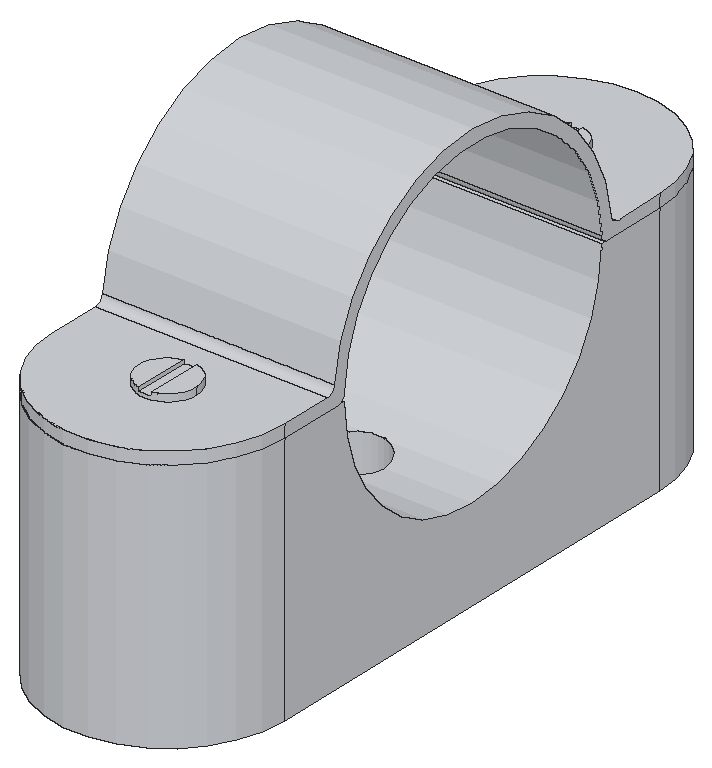
Revit family "DS4B", category Generic Models, Revit 2017
Family settings
  Can host rebar = No
  Round Connector Dimension = Use Diameter
  Part Type = Normal
  Work Plane-Based = Yes
  Always vertical = No
  Cut with Voids When Loaded = No
  Shared = No
  Room Calculation Point = No
Parameters (values of type "NBS Standard Parameters")
  Weight = "0.212Kg"
  WarrantyStartDate [instance] = "1900-12-31T23:59:59"
  WarrantyGuarantorParts = "n/a"
  WarrantyGuarantorLabor = "n/a"
  WarrantyDurationUnit = "1 year"
  WarrantyDurationParts = "n/a"
  WarrantyDurationLabor = "n/a"
  WarrantyDescription = "n/a"
  Version = "1"
  Uniclass2 = "Pr_65_70_11_20"
  TagNumber [instance] = "n/a"
  SustainabilityPerformance = "n/a"
  Size = "1.5\""
  Shape = "n/a"
  SerialNumber [instance] = "n/a"
  Revision = "n/a"
  ReplacementCost = "n/a"
  ProductInformation = "www.metpro.co.uk/pdf/ds4g.pdf"
  NominalWidth = 27.5 mm
  NominalLength = 83 mm
  NominalHeight = 42 mm
  Name = ""
  NBSTypeID = ""
  NBSReference = "90-55-10/460"
  NBSOfficeMasterTag = ""
  NBSNote = ""
  NBSDescription = "Conduit Fittings"
  NBSCertification = ""
  ModelReference = "DS4B"
  ModelNumber = "n/a"
  Material = "Cast Body, Pressed Steel Strap"
  ManufacturerURL = "www.metpro.co.uk"
  ManufacturerName = "Metpro  Ltd"
  Keynote = "Comprises of Body, Strap & 2 Screws"
  InstallationDate [instance] = "1900-12-31T23:59:59"
  IfcExportType = ""
  IfcExportAs = ""
  Grade = "n/a"
  Finish = "Black"
  Features = "n/a"
  ExpectedLife = "n/a"
  DurationUnit = "year"
  Description = "DS4B - 1.5\" Distance Saddle"
  Default Elevation = 1219.2 mm
  Constituents = "n/a"
  Color = "n/a"
  CodePerformance = "n/a"
  Category = "n/a"
  BarCode [instance] = "n/a"
  BIMObjectName = "Metpro_metprolibrary_conduitfittings_metalcomponent_steelaccessories"
  Author = "Metpro Limited"
  AssetType = ""
  AssetIdentifier [instance] = "n/a"
  AccessibilityPerformance = "n/a"
Reference planes
  plane 1 "Center (Front/Back)": y = 0
  plane 2: z = 0
  plane 3 "Center (Left/Right)": x = 0
Forms (mm)
  Extrusion 1, solid
    sketch origin (-629.655, 43.887, 0) x (1, 0, 0) y (0, 1, 0)
      loop
        line (8.357, 31.586) -> (8.357, -23.914)
        arc (8.357, -23.914) -> (22.107, -37.664) -> (35.857, -23.914) r 13.75
        line (35.857, -23.914) -> (35.857, 31.586)
        arc (35.857, 31.586) -> (22.107, 45.336) -> (8.357, 31.586) r 13.75
    from 0 to 30
  Extrusion 2, void
    sketch origin (-621.297, 61.472, 0) x (0, 1, 0) y (0, 0, 1)
      loop
        circle (-13.75, 30) r 19.05
    from 0 to 29.564
  Extrusion 3, solid
    sketch origin (-621.297, 61.472, 0) x (0, -1, 0) y (0, 0, 1)
      loop
        arc (32.776, 30.95) -> (33.086, 30.275) -> (33.775, 30) r 1
        line (33.775, 30) -> (55.25, 30) -> (55.25, 31.5) -> (35.154, 31.5)
        arc (35.154, 31.5) -> (34.49, 31.753) -> (34.161, 32.384) r 1
        arc (34.161, 32.384) -> (13.75, 50.55) -> (-6.661, 32.384) r 20.55
        arc (-6.661, 32.384) -> (-6.99, 31.753) -> (-7.654, 31.5) r 1
        line (-7.654, 31.5) -> (-27.75, 31.5) -> (-27.75, 30) -> (-6.275, 30)
        arc (-6.275, 30) -> (-5.586, 30.275) -> (-5.276, 30.95) r 1
        arc (-5.276, 30.95) -> (13.75, 49.05) -> (32.776, 30.95) r 19.05
    from -34.026 to 3
  Extrusion 4, solid
    sketch origin (-621.297, 28.672, 31.5) x (0, -1, 0) y (1, 0, 0)
      loop
        circle (-47.651, 14.295) r 3.413
      loop
        circle (9.551, 14.295) r 3.413
    from 0 to 0.831
  Extrusion 5, void
    sketch origin (-621.297, 28.672, 32.331) x (1, 0, 0) y (0, -1, 0)
      loop
        line (13.573, 13.306) -> (13.573, 5.685) -> (15.037, 5.685) -> (15.037, 13.306) -> (13.573, 13.306)
      loop
        line (13.573, -51.406) -> (15.037, -51.406) -> (15.037, -43.785) -> (13.573, -43.785) -> (13.573, -51.406)
    from 0 to 0.416
  Extrusion 6, void
    sketch origin (-629.655, 43.887, 0) x (1, 0, 0) y (0, 1, 0)
      loop
        circle (21.482, 3.836) r 4
    from 0 to 17.818
  Extrusion 7, void
    sketch origin (-629.655, 43.887, 0) x (1, 0, 0) y (0, 1, 0)
      loop
        line (8.357, 31.586) -> (8.357, -23.914)
        arc (8.357, -23.914) -> (22.107, -37.664) -> (35.857, -23.914) r 13.75
        line (35.857, -23.914) -> (35.857, 31.586)
        arc (35.857, 31.586) -> (22.107, 45.336) -> (8.357, 31.586) r 13.75
      loop
        line (2.696, 47.3) -> (2.696, -40.875) -> (45.536, -40.875) -> (45.536, 47.3) -> (2.696, 47.3)
    from 0 to 53.37
Cuts and joins
  Extrusion 2, Extrusion 6, Extrusion 7 cuts Extrusion 1
  Extrusion 2, Extrusion 6, Extrusion 7 cuts Extrusion 3
  Extrusion 5 cuts Extrusion 4
Dimensions and locks
  aligned and locked: level to plane 2
